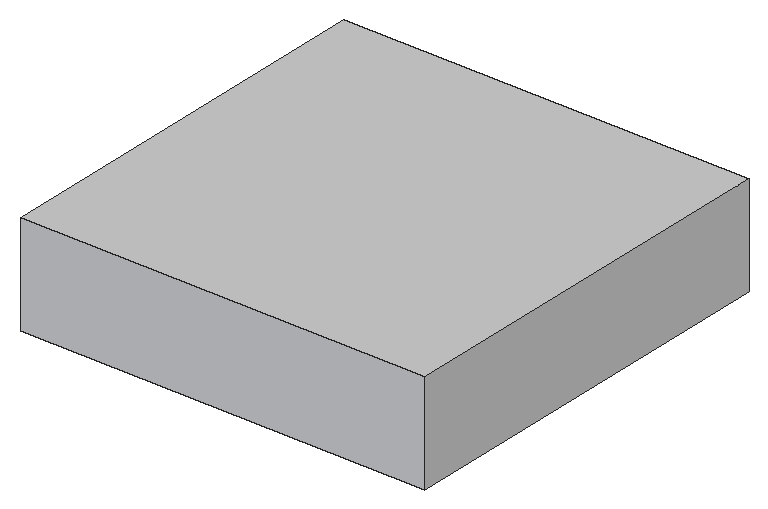
Revit family "DOMO SENSIA-LM PILA", category Aparatos sanitarios, Revit 2015
Parameters (values of type "79100")
  URL = "http://www.prestoiberica.com/lavabo/electronicos/presto-domo-sensia-lm?c=es"
  Teléfono = "(+34) 915 782 575"
  TIPO DE AGUA = ""
  REFERENCIA = "79100"
  Presión Máxima = "8 bar"
  PESO BRUTO = "1.300 Kg"
  Modelo = "PRESTO DOMO SENSIA LM"
  Material = LATON CROMADO
  Imagen de tipo = <Ninguno>
  Fabricante = "PRESTO IBÉRICA"
  Default Elevation = 1219.2 mm
  ENTRADA = "Macho 1/2\""
  Descripción = "Grifo electrónico para lavabo mezclador, fijación sobre repisa."
  Código de montaje = "C1030220"
  Contacto = "info@prestoiberica.com"
  Conexión AF = yes
  Conexión AC = yes
  Comentarios de tipo = "◦Ahorro de agua y energía\r\n◦Proceso automático de adaptación al medio\r\n◦Componentes integrados: mantenimiento sencillo y excelente estanqueidad\r\n◦Conexiones internas estancas\r\n◦Cierre automático en caso de pila agotada\r\n◦Aclarado automático cada 24h\r\n◦Suministrado con: Elementos de fijación, junta y arandela\r\n◦2 latiguillos flexibles de 350 mm, con tuercas de ½”\r\n◦2 válvulas antirretorno\r\n◦2 llaves de paso en escuadra con entrada de ½” y salida de ½”\r\n◦Batería CPR2 o alimentador 12 V según modelo\r\n◦Transformador"
  CIERRE = ""
  CAUDAL = "6 L/Min"
  Accionamiento = ""
Reference planes
  plane 1 "Centro (Frontal/Posterior)": y = 0
  plane 2: z = 0
  plane 3 "Centro (Izquierda/Derecha)": x = 0
Forms (mm)
  Extrusion 1, solid
    sketch origin (0, 0, 0) x (1, 0, 0) y (0, 1, 0)
      loop
        line (-100, 100) -> (-100, -100) -> (100, -100) -> (100, 100) -> (-100, 100)
    from 0 to -50
Dimensions and locks
  Extrusion 1 sketch curve to plane 1 "Centro (Frontal/Posterior)" = 100 mm
  aligned and locked: plane 2 to Extrusion 1
  aligned and locked: level to Extrusion 1
Connectors
  piping at (-9, 3, -12), diameter 12.7
    settings: on import instance, index 1, connector inside diameter 609.6 mm, connector length 0 mm, flow factor 0, pipe flow 0.0 L/s, pressure drop 0.0 Pa, fitting loss kfactor 0, connector angle 0.00°, fixture units 0, engagement length 0 mm, angle of deflection 0.00°, flow configuration 0, flow direction 1, fitting loss method 0, system type 19, joint type 0, gender type 0, connector reference index -1, connector utility 0, adjustable connector no, is connector primary yes, connector description ""
  piping at (7, 3, -12), diameter 12.7
    settings: on import instance, index 2, connector inside diameter 609.6 mm, connector length 0 mm, flow factor 0, pipe flow 0.0 L/s, pressure drop 0.0 Pa, fitting loss kfactor 0, connector angle 0.00°, fixture units 0, engagement length 0 mm, angle of deflection 0.00°, flow configuration 0, flow direction 1, fitting loss method 0, system type 20, joint type 0, gender type 0, connector reference index -1, connector utility 0, adjustable connector no, is connector primary no, connector description ""
